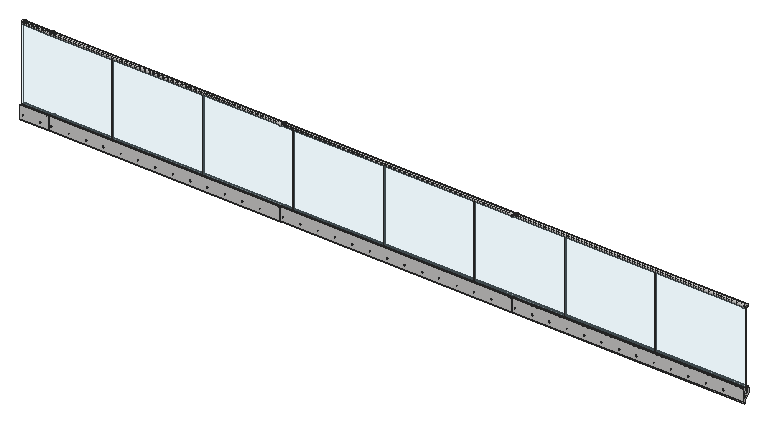
Revit family "34_LB_UNIQ_SB-A2", category Generic Models, Revit 2016
Family settings
  Part Type = Normal
  Can host rebar = No
  Round Connector Dimension = Use Diameter
  Work Plane-Based = No
  Cut with Voids When Loaded = No
  Shared = No
  Room Calculation Point = No
Parameters (values of type "UNIQ_SB-A2")
  verplatsing_passtuk [instance] = if(Passtuk_zichtbaar_omgekeerd, 0 mm, 100 mm)  # 0 mm
  Verstelbaar profiel = "Ja"
  Uitvoering = "RVS look (standaard) materiaal is geanodiseerd en geschik voor binnen en buitengebruik."
  URL = "https://uniq-balustrades.com/profielen/side-mounted-a/uniq-sb-a-2/"
  Profiel_zichtbaar_2 [instance] = [built-in parameter 1001306] > 7999 mm  # yes
  Profiel_zichtbaar_1 [instance] = and([built-in parameter 1001306] > 3999 mm, [built-in parameter 1001306] < 8000 mm)  # no
  Profiel_breedte_vast [instance] = 4000 mm  # constant formula
  Passtuk_zichtbaar_omgekeerd [instance] = not(Passtuk_zichtbaar)  # yes
  Passtuk_zichtbaar [instance] = or([built-in parameter 1001306] = 4000 mm, [built-in parameter 1001306] = 8000 mm, [built-in parameter 1001306] = 12000 mm, [built-in parameter 1001306] = 16000 mm, [built-in parameter 1001306] = 20000 mm, [built-in parameter 1001306] = 24000 mm, [built-in parameter 1001306] = 28000 mm, [built-in parameter 1001306] = 32000 mm, [built-in parameter 1001306] = 40000 mm)  # no
  Model = "UNIQ_SB-A2"
  Materiaal_ribber = Rubber
  Materiaal_profiel = Aluminium
  Materiaal_pakking = Pakking
  Materiaal_glas = Glass
  Materiaal_afdekker = Aluminium
  Manufacturer = "SB Railing"
  built-in parameter 1001306 [instance] = 12500 mm
  Krachten = "Geschikt voor maximaal 2 KN"
  IsExternal [instance] = no
  IfcExportAs = "IfcRailing"
  Hoogte_railing [instance] = 1500 mm
  Hoogte_glas [instance] = Hoogte_railing - 123 mm - 21.9 mm  # 1355.1 mm
  Glas_dikte = 25.5 mm
  Gasdiktes = "Geschikt voor 12/12 pvb en 19"
  FireRating [instance] = "0"
  Dikte_glas = 25.5 mm
  Description = "UNIQ SB-A2 | ZIJ MONTAGE"
  Cover_front_CF-320 = no
  Cover_front_CF-312 = no
  Cover_front_CF-303 = no
  Cover_front_CF-300 = yes
  Breedte_passtuk [instance] = if([built-in parameter 1001306] > 8000 mm, [built-in parameter 1001306] - (Aantal_profielen * Profiel_breedte_vast), [built-in parameter 1001306] - 4000 mm)  # 500 mm
  Breedte_glasplaten [instance] = ([built-in parameter 1001306] - ((Aantal_glasplaten - 1) * 10 mm)) / Aantal_glasplaten  # 1553.75 mm
  Bovenrailing = yes
  Ber_breedte_passtuk_4 [instance] = if([built-in parameter 1001306] > 4000 mm, Ber_breedte_passtuk_3 - 4 mm, Ber_breedte_passtuk_3)  # 496 mm
  Ber_breedte_passtuk_3 [instance] = if(Passtuk_zichtbaar_omgekeerd, Ber_breedte_passtuk_2, 100 mm)  # 500 mm
  Ber_breedte_passtuk_2 [instance] = if([built-in parameter 1001306] > 4000 mm, Breedte_passtuk, [built-in parameter 1001306])  # 500 mm
  Ber_breedte_passtuk_5 [instance] = if([built-in parameter 1001306] > 8000 mm, Ber_breedte_passtuk_3 - (Aantal_profielen * 4 mm), Ber_breedte_passtuk_4)  # 488 mm
  Assembly Code = "34.11"
  Aantal_profielen [instance] = if([built-in parameter 1001306] < 8000 mm, 2, ([built-in parameter 1001306] / 4000 mm) - 0.5)  # 3
  Aantal_glasplaten [instance] = 8
Reference planes
  plane 1 "Center (Front/Back)": y = 0
  plane 2: z = 0
  plane 3 "Left": x = 0
  plane 4 "Right": x = 12500
  plane 5: through (0, 2, 1219.2) normal (-0.7071, 0.7071, 0)
  plane 6: x = 488
  plane 7: x = 0
  plane 8: x = 4492
  plane 9: x = 492
  plane 10: x = 4496
  plane 11: z = 1500
  plane 12: z = 123
Lines and regions (mm)
  reference lines
    curve 1: line (0, 0, 0) -> (12500, 0, 0)
Dimensions and locks
  "built-in parameter 1001306": plane 3 "Left" to plane 4 "Right"
  plane 3 "Left" to plane 4 "Right" = 12500 mm
  "verplatsing_passtuk": plane 7 to plane 3 "Left"
  equal spacing: group 1, group 2, group 3  (x3)
  plane 6 to plane 8 = 4004 mm
  locked: plane 6 to plane 9 at 4
  locked: plane 8 to plane 10 at 4
  "Ber_breedte_passtuk_5": plane 7 to plane 6
  nested 6 to nested 6 = 10 mm
  "Hoogte_railing": plane 11 to level
  plane 12 to level = 123 mm
  aligned and locked: plane 4 "Right" to curve 1
  aligned and locked: plane 1 "Center (Front/Back)" to curve 1
  aligned and locked: plane 3 "Left" to curve 1
  aligned and locked: level to plane 2
  aligned and locked: nested 1 to level
  aligned and locked: nested 2 to level
  aligned and locked: nested 3 to level
  aligned and locked: plane 7 to nested 2  (x2)
  aligned and locked: plane 1 "Center (Front/Back)" to nested 2
  aligned and locked: plane 1 "Center (Front/Back)" to nested 1
  aligned and locked: plane 1 "Center (Front/Back)" to nested 3
  aligned and locked: nested 4 to level
  aligned and locked: plane 9 to nested 3
  aligned and locked: plane 9 to nested 1
  aligned and locked: plane 10 to nested 4
  aligned and locked: nested 7 to plane 12
  aligned and locked: plane 3 "Left" to nested 5
Nested families
  nested 1: "UNIQ_SB-A2_12.12.4" at (492, 0, 0), Lengte <- "built-in parameter 1001306", Ber_Lengte <- "Profiel_breedte_vast", visible <- "Profiel_zichtbaar_1", Hoogte <- "Hoogte_railing", Bovenrailing <- "Bovenrailing", type "UNIQ_SB-A1_8.8.2"
    with Rubber Rubber, Pakking Rubber, Materiaal_profiel Aluminium, Materiaal_afdekker Aluminium, Lengte_schroef 3950 mm, Lengte 12500 mm, Hoogte 1500 mm, HOH_schroef 100 mm, HOH_boorgat_onder 600 mm, HOH_boorgat 300 mm, Bovenrailing yes, Ber_Lengte 4000 mm, Aantal_boorgat_onder 7, Aantal_boorgat 13, Aantal 40
  nested 2: "UNIQ_SB-A2_12.12.4" at (0, 0, 0), Lengte <- "built-in parameter 1001306", Ber_Lengte <- "Ber_breedte_passtuk_5", visible <- "Passtuk_zichtbaar_omgekeerd", Hoogte <- "Hoogte_railing", Bovenrailing <- "Bovenrailing", type "UNIQ_SB-A1_8.8.2"
    with Rubber Rubber, Pakking Rubber, Materiaal_profiel Aluminium, Materiaal_afdekker Aluminium, Lengte_schroef 438 mm, Lengte 12500 mm, Hoogte 1500 mm, HOH_schroef 100 mm, HOH_boorgat_onder 600 mm, HOH_boorgat 300 mm, Bovenrailing yes, Ber_Lengte 488 mm, Aantal_boorgat_onder 2, Aantal_boorgat 2, Aantal 4
  nested 3: "UNIQ_SB-A2_12.12.4" at (492, 0, 0), Lengte <- "built-in parameter 1001306", Ber_Lengte <- "Profiel_breedte_vast", visible <- "Profiel_zichtbaar_2", Hoogte <- "Hoogte_railing", Bovenrailing <- "Bovenrailing", Materiaal_afdekker <- "Materiaal_afdekker", Materiaal_profiel <- "Materiaal_profiel", Pakking <- "Materiaal_pakking", Rubber <- "Materiaal_ribber", type "UNIQ_SB-A1_8.8.2"
    with Rubber Rubber, Pakking Pakking, Materiaal_profiel Aluminium, Materiaal_afdekker Aluminium, Lengte_schroef 3950 mm, Lengte 12500 mm, Hoogte 1500 mm, HOH_schroef 100 mm, HOH_boorgat_onder 600 mm, HOH_boorgat 300 mm, Bovenrailing yes, Ber_Lengte 4000 mm, Aantal_boorgat_onder 7, Aantal_boorgat 13, Aantal 40
  nested 4: "UNIQ_SB-A2_12.12.4" at (4496, 0, 0), Lengte <- "built-in parameter 1001306", Ber_Lengte <- "Profiel_breedte_vast", visible <- "Profiel_zichtbaar_2", Hoogte <- "Hoogte_railing", Bovenrailing <- "Bovenrailing", Materiaal_afdekker <- "Materiaal_afdekker", Materiaal_profiel <- "Materiaal_profiel", Pakking <- "Materiaal_pakking", Rubber <- "Materiaal_ribber", type "UNIQ_SB-A1_8.8.2"
    with Rubber Rubber, Pakking Pakking, Materiaal_profiel Aluminium, Materiaal_afdekker Aluminium, Lengte_schroef 3950 mm, Lengte 12500 mm, Hoogte 1500 mm, HOH_schroef 100 mm, HOH_boorgat_onder 600 mm, HOH_boorgat 300 mm, Bovenrailing yes, Ber_Lengte 4000 mm, Aantal_boorgat_onder 7, Aantal_boorgat 13, Aantal 40
  nested 5: "34_glasplaat_tbv_railing_V2" at (0, 33.25, 123), Dikte_glas <- "Dikte_glas", Hoogte_glas <- "Hoogte_glas", Aantal_glasplaten <- "Aantal_glasplaten", Ber_lengte <- "built-in parameter 1001306", type "34_glasplaat_tbv_railing_V2"
    with Lengte 12510 mm, Hoogte_glas 1355.1 mm, Dikte_glas 25.5 mm, Breedte_glasplaat 1563.75 mm, Ber_lengte 12500 mm, Aantal_glasplaten 8
  nested 6: "34_glasplaat" at (10936.25, 33.25, 123), type "34_glasplaat"
    with Lengte 1563.75 mm, Hoogte 1355.1 mm, Glas_dikte 25.5 mm, Glas_breedte 1553.75 mm, Glas Glass
  nested 7: "34_glasplaat" at (-10, 33.25, 123), type "34_glasplaat"
    with Lengte 1563.75 mm, Hoogte 1355.1 mm, Glas_dikte 25.5 mm, Glas_breedte 1553.75 mm, Glas Glass
  nested 8: "34_glasplaat" at (9372.5, 33.25, 123), type "34_glasplaat"
    with Lengte 1563.75 mm, Hoogte 1355.1 mm, Glas_dikte 25.5 mm, Glas_breedte 1553.75 mm, Glas Glass
  nested 9: "34_glasplaat" at (7808.75, 33.25, 123), type "34_glasplaat"
    with Lengte 1563.75 mm, Hoogte 1355.1 mm, Glas_dikte 25.5 mm, Glas_breedte 1553.75 mm, Glas Glass
  nested 10: "34_glasplaat" at (6245, 33.25, 123), type "34_glasplaat"
    with Lengte 1563.75 mm, Hoogte 1355.1 mm, Glas_dikte 25.5 mm, Glas_breedte 1553.75 mm, Glas Glass
  nested 11: "34_glasplaat" at (4681.25, 33.25, 123), type "34_glasplaat"
    with Lengte 1563.75 mm, Hoogte 1355.1 mm, Glas_dikte 25.5 mm, Glas_breedte 1553.75 mm, Glas Glass
  nested 12: "34_glasplaat" at (3117.5, 33.25, 123), type "34_glasplaat"
    with Lengte 1563.75 mm, Hoogte 1355.1 mm, Glas_dikte 25.5 mm, Glas_breedte 1553.75 mm, Glas Glass
  nested 13: "34_glasplaat" at (1553.75, 33.25, 123), type "34_glasplaat"
    with Lengte 1563.75 mm, Hoogte 1355.1 mm, Glas_dikte 25.5 mm, Glas_breedte 1553.75 mm, Glas Glass
  nested 14: "UNIQ_SB-A2_12.12.4" at (8500, 0, 0), Lengte <- "built-in parameter 1001306", Ber_Lengte <- "Profiel_breedte_vast", visible <- "Profiel_zichtbaar_2", Hoogte <- "Hoogte_railing", Bovenrailing <- "Bovenrailing", Materiaal_afdekker <- "Materiaal_afdekker", Materiaal_profiel <- "Materiaal_profiel", Pakking <- "Materiaal_pakking", Rubber <- "Materiaal_ribber", type "UNIQ_SB-A1_8.8.2"
    with Rubber Rubber, Pakking Pakking, Materiaal_profiel Aluminium, Materiaal_afdekker Aluminium, Lengte_schroef 3950 mm, Lengte 12500 mm, Hoogte 1500 mm, HOH_schroef 100 mm, HOH_boorgat_onder 600 mm, HOH_boorgat 300 mm, Bovenrailing yes, Ber_Lengte 4000 mm, Aantal_boorgat_onder 7, Aantal_boorgat 13, Aantal 40
Definition of nested family "UNIQ_SB-A2_12.12.4"
  Parameters (values of type "UNIQ_SB-A1_8.8.2")
    Rubber [instance] = none
    Pakking [instance] = none
    Materiaal_profiel [instance] = none
    Materiaal_afdekker [instance] = none
    Lengte_schroef [instance] = Ber_Lengte - 50 mm  # 1450 mm
    Lengte [instance] = 1250 mm
    Hoogte [instance] = 1200 mm
    HOH_schroef [instance] = if(Ber_Lengte > 200 mm, 100 mm, 20 mm)  # 100 mm
    HOH_boorgat_onder [instance] = 600 mm
    HOH_boorgat [instance] = 300 mm
    Cover_front_CF-320 = no
    Cover_front_CF-312 = no
    Cover_front_CF-303 = no
    Cover_front_CF-300 = yes
    Bovenrailing [instance] = yes
    Ber_Lengte [instance] = 1500 mm
    Aantal_boorgat_onder [instance] = if(Ber_Lengte > 900 mm, Ber_Lengte / HOH_boorgat_onder, 2)  # 3
    Aantal_boorgat [instance] = if(Ber_Lengte > 450 mm, Ber_Lengte / HOH_boorgat, 2)  # 5
    Aantal [instance] = Lengte_schroef / HOH_schroef  # 15
  Reference planes
    plane 1 "Center (Front/Back)": y = 0
    plane 2: z = 0
    plane 3 "Center (Left/Right)": x = 0
    plane 4: x = 1500
    plane 5: x = 50
    plane 6: y = 15.517
    plane 7: x = 200
    plane 8: x = 1504
    plane 9: z = 1200
    plane 10: z = 1181.136
  Forms (mm)
    Sweep 1, solid, material <- "Materiaal_profiel"
      path origin (0, -19, 0) x (1, 0, 0) y (0, 1, 0)
        loop
          line (0, 0) -> (1500, 0)
      profile "Profiel_SB-A2 : Profiel_SB-A2" origin (750, -19, 0) x (0, 1, 0) y (0, 0, 1)
        loop
          line (75.865, 94.5) -> (4, 94.5) -> (4, 44.5) -> (46.628, 44.5) -> (75.865, 94.5)
        loop
          line (-2, 0) -> (19, 0) -> (19, -29.5) -> (19.79, -29.5) -> (22.388, -28) -> (27, -28) -> (27, 4) -> (96, 122) -> (96, 185.624) -> (86.4, 212) -> (78.5, 212) -> (78.5, 209) -> (77.1, 209) -> (77.1, 212) -> (68.6, 212) -> (68.6, 201) -> (66, 201) -> (66, 122) -> (30, 122) -> (18, 166.785) -> (18, 199.7) -> (15.4, 199.7) -> (15.4, 210.7) -> (13.9, 210.7) -> (13.9, 207.7) -> (12.5, 207.7) -> (12.5, 210.7) -> (10.85, 210.7) -> (10.85, 212) -> (-2, 212) -> (-2, 0)
    Sweep 2, solid, material <- "Pakking"
      path origin (0, -639, 0) x (1, 0, 0) y (0, 1, 0)
        loop
          line (0, 620) -> (1500, 620)
      profile "Rubber_onder_SB-A2 : Rubber_onder" origin (750, -19, 0) x (0, 1, 0) y (0, 0, 1)
        loop
          line (66, 123) -> (37.48, 123) -> (37.48, 122) -> (66, 122) -> (66, 123)
    Sweep 3, solid, material <- "Pakking"
      path origin (0, -899, 0) x (1, 0, 0) y (0, 1, 0)
        loop
          line (0, 880) -> (1500, 880)
      profile "Rubber_voor_SB-A2 : Rubber_voor" origin (750, -19, 0) x (0, 1, 0) y (0, 0, 1)
        loop
          line (66, 212) -> (65, 212) -> (65, 123) -> (66, 123) -> (66, 212)
    Sweep 4, solid
      path origin (0, -1119, 0) x (1, 0, 0) y (0, 1, 0)
        loop
          line (0, 1100) -> (1500, 1100)
      profile "Stelprofiel_01_SB-A2 : Stelprofiel_01" origin (750, -19, 0) x (0, 1, 0) y (0, 0, 1)
        loop
          line (24.48, 175.863) -> (28.378, 175.863) -> (30.581, 132.363) -> (27.223, 132.363) -> (29.233, 124.863) -> (37.48, 124.863) -> (37.48, 194.863) -> (24.48, 194.863) -> (24.48, 175.863)
    Sweep 5, solid, material <- "Materiaal_afdekker"
      path origin (0, -2079, 0) x (1, 0, 0) y (0, 1, 0)
        loop
          line (0, 2060) -> (1500, 2060)
      profile "Afdekker_achter_01_SB-A2 : Afdekker_achter_01" origin (750, -19, 0) x (0, 1, 0) y (0, 0, 1)
        loop
          line (11, 212) -> (11, 210.7) -> (12.5, 210.7) -> (12.5, 207.7) -> (13.9, 207.7) -> (13.9, 210.7) -> (15.4, 210.7) -> (15.4, 199.7) -> (17, 199.7) -> (17, 210.9) -> (26.9, 210.9) -> (26.9, 203.8) -> (36, 203.8) -> (36, 204.9) -> (28, 204.9) -> (28, 210.9) -> (36, 210.9) -> (36, 212) -> (11, 212)
    Sweep 6, solid, material <- "Rubber"
      path origin (0, -1359, 0) x (1, 0, 0) y (0, 1, 0)
        loop
          line (0, 1340) -> (1500, 1340)
      profile "Afdekker_achter_02_SB-A2 : Afdekker_achter_02" origin (750, -19, 0) x (0, 1, 0) y (0, 0, 1)
        loop
          line (37.312, 205.795) -> (39.48, 214.43) -> (39.48, 215.43) -> (38.48, 215.43) -> (37.343, 210.9) -> (29.909, 210.9) -> (28, 209.666) -> (28, 206.134) -> (29.909, 204.9) -> (37.31, 204.9) -> (37.312, 205.795)
    Sweep 7, solid, not visible
      path origin (-1900, -1400, 0) x (1, 0, 0) y (0, 1, 0)
        loop
          line (621, 1400) -> (629, 1400)
      profile "Stelprofiel_02 : Stelprofiel_02" origin (-1275, 0, 0) x (0, 1, 0) y (0, 0, 1)
        loop
          line (9, 166.532) -> (13.74, 166.532) -> (13.74, 174.532) -> (9, 174.532) -> (9, 166.532)
    Sweep 8, solid, not visible
      path origin (-1900, -1680, 0) x (1, 0, 0) y (0, 1, 0)
        loop
          line (617.493, 1680) -> (632.507, 1680)
      profile "Stelprofiel_03 : Stelprofiel_03" origin (-1275, 0, 0) x (0, 1, 0) y (0, 0, 1)
        loop
          line (9, 163.024) -> (9, 178.039) -> (6.758, 178.039) -> (6, 176.096) -> (6, 164.966) -> (6.757, 163.024) -> (9, 163.024)
    Extrusion 9, void, not visible
      sketch origin (-1279, 13.74, 174.532) x (-1, 0, 0) y (0, 0, -1)
        loop
          line (-9, 9) -> (-9, -1) -> (1, -1) -> (1, 9) -> (-9, 9)
        loop
          circle (-4, 4) r 4
      from -7.62 to 4.74
    Extrusion 10, void, not visible
      sketch origin (-1279, 13.74, 174.532) x (-1, 0, 0) y (0, 0, -1)
        loop
          line (-12.507, -4.507) -> (4.507, -4.507) -> (4.507, 12.507) -> (-12.507, 12.507) -> (-12.507, -4.507)
        loop
          line (-6.507, 11.507) -> (-11.507, 6.507) -> (-11.507, 1.493) -> (-6.507, -3.507) -> (-1.493, -3.507) -> (3.507, 1.493) -> (3.507, 6.507) -> (-1.493, 11.507) -> (-6.507, 11.507)
      from 4.74 to 9.74
    Sweep 11, solid, not visible
      path origin (-1900, -1400, 0) x (1, 0, 0) y (0, 1, 0)
        loop
          line (621, 1400) -> (629, 1400)
      profile "Stelprofiel_02 : Stelprofiel_02" origin (-1275, 0, 0) x (0, 1, 0) y (0, 0, 1)
        loop
          line (9, 166.532) -> (13.74, 166.532) -> (13.74, 174.532) -> (9, 174.532) -> (9, 166.532)
    Sweep 12, solid, not visible
      path origin (-1900, -1680, 0) x (1, 0, 0) y (0, 1, 0)
        loop
          line (617.493, 1680) -> (632.507, 1680)
      profile "Stelprofiel_03 : Stelprofiel_03" origin (-1275, 0, 0) x (0, 1, 0) y (0, 0, 1)
        loop
          line (9, 163.024) -> (9, 178.039) -> (6.758, 178.039) -> (6, 176.096) -> (6, 164.966) -> (6.757, 163.024) -> (9, 163.024)
    Extrusion 13, void, not visible
      sketch origin (-1279, 13.74, 174.532) x (-1, 0, 0) y (0, 0, -1)
        loop
          line (-9, 9) -> (-9, -1) -> (1, -1) -> (1, 9) -> (-9, 9)
        loop
          circle (-4, 4) r 4
      from -7.62 to 4.74
    Extrusion 14, void, not visible
      sketch origin (-1279, 13.74, 174.532) x (-1, 0, 0) y (0, 0, -1)
        loop
          line (-12.507, -4.507) -> (4.507, -4.507) -> (4.507, 12.507) -> (-12.507, 12.507) -> (-12.507, -4.507)
        loop
          line (-6.507, 11.507) -> (-11.507, 6.507) -> (-11.507, 1.493) -> (-6.507, -3.507) -> (-1.493, -3.507) -> (3.507, 1.493) -> (3.507, 6.507) -> (-1.493, 11.507) -> (-6.507, 11.507)
      from 4.74 to 9.74
    Extrusion 15, void
      sketch origin (162.168, -12, 13.764) x (-1, 0, 0) y (0, 0, 1)
        loop
          circle (112.168, 56.236) r 22.5
      from 34.517 to 79.189
    Extrusion 16, void
      sketch origin (162.168, -19, 13.5) x (1, 0, 0) y (0, 0, 1)
        loop
          arc (-117.168, 63.5) -> (-124.168, 56.5) -> (-117.168, 49.5) r 7
          line (-117.168, 49.5) -> (-107.168, 49.5)
          arc (-107.168, 49.5) -> (-100.168, 56.5) -> (-107.168, 63.5) r 7
          line (-107.168, 63.5) -> (-117.168, 63.5)
      from -6.381 to 4.008
    Extrusion 17, void, not visible
      sketch origin (210, 7, 13.764) x (-1, 0, 0) y (0, 0, 1)
        loop
          circle (112.168, 56.236) r 22.5
      from 34.517 to 79.189
    Extrusion 18, void, not visible
      sketch origin (210, 0, 13.5) x (1, 0, 0) y (0, 0, 1)
        loop
          arc (-117.168, 63.5) -> (-124.168, 56.5) -> (-117.168, 49.5) r 7
          line (-117.168, 49.5) -> (-107.168, 49.5)
          arc (-107.168, 49.5) -> (-100.168, 56.5) -> (-107.168, 63.5) r 7
          line (-107.168, 63.5) -> (-117.168, 63.5)
      from -6.381 to 4.008
    Extrusion 19, void
      sketch origin (462.168, -12, 13.764) x (-1, 0, 0) y (0, 0, 1)
        loop
          circle (112.168, 56.236) r 22.5
      from 34.517 to 79.189
    Extrusion 20, void
      sketch origin (462.168, -19, 13.5) x (1, 0, 0) y (0, 0, 1)
        loop
          arc (-117.168, 63.5) -> (-124.168, 56.5) -> (-117.168, 49.5) r 7
          line (-117.168, 49.5) -> (-107.168, 49.5)
          arc (-107.168, 49.5) -> (-100.168, 56.5) -> (-107.168, 63.5) r 7
          line (-107.168, 63.5) -> (-117.168, 63.5)
      from -6.381 to 4.008
    Extrusion 21, void
      sketch origin (274.606, -19, 3.257) x (1, 0, 0) y (0, 0, 1)
        loop
          arc (-80.606, -9.257) -> (-84.848, -11.014) -> (-86.606, -15.257) r 6
          arc (-86.606, -15.257) -> (-84.848, -19.499) -> (-80.606, -21.257) r 6
          line (-80.606, -21.257) -> (-68.606, -21.257)
          arc (-68.606, -21.257) -> (-64.363, -19.499) -> (-62.606, -15.257) r 6
          arc (-62.606, -15.257) -> (-64.363, -11.014) -> (-68.606, -9.257) r 6
          line (-68.606, -9.257) -> (-80.606, -9.257)
      from -24 to -19
    Extrusion 22, void, not visible
      sketch origin (274.606, 0, 3.257) x (1, 0, 0) y (0, 0, 1)
        loop
          arc (-80.606, -9.257) -> (-84.848, -11.014) -> (-86.606, -15.257) r 6
          arc (-86.606, -15.257) -> (-84.848, -19.499) -> (-80.606, -21.257) r 6
          line (-80.606, -21.257) -> (-68.606, -21.257)
          arc (-68.606, -21.257) -> (-64.363, -19.499) -> (-62.606, -15.257) r 6
          arc (-62.606, -15.257) -> (-64.363, -11.014) -> (-68.606, -9.257) r 6
          line (-68.606, -9.257) -> (-80.606, -9.257)
      from -24 to -19
    Extrusion 23, void
      sketch origin (874.606, -19, 3.257) x (1, 0, 0) y (0, 0, 1)
        loop
          arc (-80.606, -9.257) -> (-84.848, -11.014) -> (-86.606, -15.257) r 6
          arc (-86.606, -15.257) -> (-84.848, -19.499) -> (-80.606, -21.257) r 6
          line (-80.606, -21.257) -> (-68.606, -21.257)
          arc (-68.606, -21.257) -> (-64.363, -19.499) -> (-62.606, -15.257) r 6
          arc (-62.606, -15.257) -> (-64.363, -11.014) -> (-68.606, -9.257) r 6
          line (-68.606, -9.257) -> (-80.606, -9.257)
      from -24 to -19
    Extrusion 24, void
      sketch origin (762.168, -12, 13.764) x (-1, 0, 0) y (0, 0, 1)
        loop
          circle (112.168, 56.236) r 22.5
      from 34.517 to 79.189
    Extrusion 25, void
      sketch origin (762.168, -19, 13.5) x (1, 0, 0) y (0, 0, 1)
        loop
          arc (-117.168, 63.5) -> (-124.168, 56.5) -> (-117.168, 49.5) r 7
          line (-117.168, 49.5) -> (-107.168, 49.5)
          arc (-107.168, 49.5) -> (-100.168, 56.5) -> (-107.168, 63.5) r 7
          line (-107.168, 63.5) -> (-117.168, 63.5)
      from -6.381 to 4.008
    Extrusion 26, void
      sketch origin (1062.168, -12, 13.764) x (-1, 0, 0) y (0, 0, 1)
        loop
          circle (112.168, 56.236) r 22.5
      from 34.517 to 79.189
    Extrusion 27, void
      sketch origin (1062.168, -19, 13.5) x (1, 0, 0) y (0, 0, 1)
        loop
          arc (-117.168, 63.5) -> (-124.168, 56.5) -> (-117.168, 49.5) r 7
          line (-117.168, 49.5) -> (-107.168, 49.5)
          arc (-107.168, 49.5) -> (-100.168, 56.5) -> (-107.168, 63.5) r 7
          line (-107.168, 63.5) -> (-117.168, 63.5)
      from -6.381 to 4.008
    Extrusion 28, solid, material <- "Materiaal_afdekker", visible <- "Bovenrailing"
      sketch origin (0, -68.265, 50.142) x (0, 1, 0) y (0, 0, 1)
        loop
          arc (120.29, 1096.125) -> (119.127, 1095.995) -> (118.505, 1096.986) r 1.1
          line (118.505, 1096.986) -> (118.505, 1130.994) -> (84.505, 1130.994) -> (84.505, 1096.986)
          arc (84.505, 1096.986) -> (83.882, 1095.995) -> (82.719, 1096.125) r 1.1
          arc (82.719, 1096.125) -> (101.505, 1149.858) -> (120.29, 1096.125) r 30.15
        loop
          line (120.005, 1097.832) -> (120.005, 1132.494) -> (83.005, 1132.494) -> (83.005, 1097.832)
          arc (83.005, 1097.832) -> (101.505, 1148.358) -> (120.005, 1097.832) r 28.65
      from 0 to 1500
    Extrusion 29, solid, material <- "Rubber", visible <- "Bovenrailing"
      sketch origin (0, 14.64, -10.626) x (0, 1, 0) y (0, 0, 1)
        loop
          line (5.84, 1188.763) -> (31.36, 1188.763) -> (31.36, 1153.514) -> (35.6, 1157.754) -> (35.6, 1190.263)
          arc (35.6, 1190.263) -> (35.161, 1191.323) -> (34.1, 1191.763) r 1.5
          line (34.1, 1191.763) -> (30.48, 1191.763) -> (29.419, 1190.702) -> (7.781, 1190.702) -> (6.72, 1191.763) -> (3.1, 1191.763)
          arc (3.1, 1191.763) -> (2.039, 1191.323) -> (1.6, 1190.263) r 1.5
          line (1.6, 1190.263) -> (1.6, 1157.754) -> (5.84, 1153.514) -> (5.84, 1188.763)
        loop
          line (7.372, 1189.904) -> (6.013, 1191.263) -> (4.46, 1191.263)
          arc (4.46, 1191.263) -> (3.636, 1190.829) -> (3.527, 1189.904) r 1
          line (3.527, 1189.904) -> (7.372, 1189.904)
        loop
          arc (33.673, 1189.904) -> (33.564, 1190.829) -> (32.74, 1191.263) r 1
          line (32.74, 1191.263) -> (31.187, 1191.263) -> (29.828, 1189.904) -> (33.673, 1189.904)
      from 0 to 1500
    Extrusion 30, void
      sketch origin (1362.168, -12, 13.764) x (-1, 0, 0) y (0, 0, 1)
        loop
          circle (112.168, 56.236) r 22.5
      from 34.517 to 79.189
    Extrusion 31, void
      sketch origin (1362.168, -19, 13.5) x (1, 0, 0) y (0, 0, 1)
        loop
          arc (-117.168, 63.5) -> (-124.168, 56.5) -> (-117.168, 49.5) r 7
          line (-117.168, 49.5) -> (-107.168, 49.5)
          arc (-107.168, 49.5) -> (-100.168, 56.5) -> (-107.168, 63.5) r 7
          line (-107.168, 63.5) -> (-117.168, 63.5)
      from -6.381 to 4.008
    Extrusion 32, void
      sketch origin (1474.606, -19, 3.257) x (1, 0, 0) y (0, 0, 1)
        loop
          arc (-80.606, -9.257) -> (-84.848, -11.014) -> (-86.606, -15.257) r 6
          arc (-86.606, -15.257) -> (-84.848, -19.499) -> (-80.606, -21.257) r 6
          line (-80.606, -21.257) -> (-68.606, -21.257)
          arc (-68.606, -21.257) -> (-64.363, -19.499) -> (-62.606, -15.257) r 6
          arc (-62.606, -15.257) -> (-64.363, -11.014) -> (-68.606, -9.257) r 6
          line (-68.606, -9.257) -> (-80.606, -9.257)
      from -24 to -19
  Cuts and joins
    Extrusion 15, Extrusion 16, Extrusion 19, Extrusion 20, Extrusion 21, Extrusion 23, Extrusion 24, Extrusion 25, Extrusion 26, Extrusion 27, Extrusion 30, Extrusion 31, Extrusion 32 cuts Sweep 1
  Lines and regions (mm)
    model lines, not visible
      curve 1: circle (-1275, 13.74, 170.532) r 4 normal (0, 1, 0)
      curve 2: circle (-1275, 13.74, 170.532) r 4 normal (0, 1, 0)
      curve 3: line (-1275, 9, 0) -> (-1275, 13.74, 0)
      curve 5: line (97.832, 0, 50) -> (97.832, 0, 62)
      curve 8: line (200, 0, -18) -> (200, 0, -6)
    model lines
      curve 4: line (50, -19, 50) -> (50, -19, 62)
      curve 6: line (350, -19, 50) -> (350, -19, 62)
      curve 7: line (200, -19, -18) -> (200, -19, -6)
      curve 9: line (800, -19, -18) -> (800, -19, -6)
      curve 10: line (50.004, -19, 174.531) -> (50.004, -19, 166.538)
      curve 11: line (150.004, -19, 174.531) -> (150.004, -19, 166.538)
      curve 12: line (250.004, -19, 174.531) -> (250.004, -19, 166.538)
      curve 13: line (350.004, -19, 174.531) -> (350.004, -19, 166.538)
      curve 14: line (450.004, -19, 174.531) -> (450.004, -19, 166.538)
      curve 15: line (650, -19, 50) -> (650, -19, 62)
      curve 16: line (950, -19, 50) -> (950, -19, 62)
      curve 17: line (550.004, -19, 174.531) -> (550.004, -19, 166.538)
      curve 18: line (650.004, -19, 174.531) -> (650.004, -19, 166.538)
      curve 19: line (750.004, -19, 174.531) -> (750.004, -19, 166.538)
      curve 20: line (850.004, -19, 174.531) -> (850.004, -19, 166.538)
      curve 21: line (950.004, -19, 174.531) -> (950.004, -19, 166.538)
      curve 22: line (1050.004, -19, 174.531) -> (1050.004, -19, 166.538)
      curve 23: line (1150.004, -19, 174.531) -> (1150.004, -19, 166.538)
      curve 24: line (1250, -19, 50) -> (1250, -19, 62)
      curve 25: line (1400, -19, -18) -> (1400, -19, -6)
      curve 26: line (1250.004, -19, 174.531) -> (1250.004, -19, 166.538)
      curve 27: line (1350.004, -19, 174.531) -> (1350.004, -19, 166.538)
      curve 28: line (1450.004, -19, 174.531) -> (1450.004, -19, 166.538)
  Dimensions and locks
    "Ber_Lengte": plane 3 "Center (Left/Right)" to plane 4
    "Lengte_schroef": plane 5 to plane 4
    equal spacing: group 3, group 5, group 14, group 15, group 23  (x3)
    equal spacing: group 6, group 8, group 24  (x3)
    plane 7 to plane 3 "Center (Left/Right)" = 200 mm  (x2)
    plane 5 to plane 3 "Center (Left/Right)" = 50 mm  (x2)
    equal spacing: group 9, group 10, group 11, group 12, group 13, group 16, group 17, group 18, group 19, group 20, group 21, group 22, group 25, group 26, group 27  (x3)
    "HOH_schroef": curve 11 to curve 10
    plane 3 "Center (Left/Right)" to plane 4 = 1500 mm
    locked: plane 4 to plane 8 at 4
    "Hoogte": plane 9 to level
    locked: plane 9 to plane 10 at 18.864
    aligned and locked: level to plane 2
    aligned and locked: plane 4 to Sweep 1 sketch curve
    aligned and locked: plane 3 "Center (Left/Right)" to Sweep 1 sketch curve
    aligned and locked: plane 4 to Sweep 2 sketch curve
    aligned and locked: plane 3 "Center (Left/Right)" to Sweep 2 sketch curve
    aligned and locked: plane 3 "Center (Left/Right)" to Sweep 3 sketch curve
    aligned and locked: plane 4 to Sweep 3 sketch curve
    aligned and locked: plane 3 "Center (Left/Right)" to Sweep 4 sketch curve
    aligned and locked: plane 4 to Sweep 4 sketch curve
    aligned and locked: plane 3 "Center (Left/Right)" to Sweep 5 sketch curve
    aligned and locked: plane 4 to Sweep 5 sketch curve
    aligned and locked: plane 3 "Center (Left/Right)" to Sweep 6 sketch curve
    aligned and locked: plane 4 to Sweep 6 sketch curve
    aligned and locked: curve 4 to plane 5
    aligned and locked: curve 7 to plane 7
    aligned and locked: plane 5 to nested 1
    aligned and locked: plane 3 "Center (Left/Right)" to nested 13
    aligned and locked: plane 1 "Center (Front/Back)" to nested 13
    aligned and locked: plane 3 "Center (Left/Right)" to nested 14
    aligned and locked: plane 1 "Center (Front/Back)" to nested 14
    aligned and locked: plane 3 "Center (Left/Right)" to nested 15
    aligned and locked: plane 1 "Center (Front/Back)" to nested 15
    aligned and locked: plane 1 "Center (Front/Back)" to nested 16
    aligned and locked: plane 4 to Extrusion 28
    aligned and locked: plane 4 to Extrusion 29
  Automatic sketch dimensions
    Sweep 8 sketch curve to Sweep 8 sketch curve = 15.015 mm
    Sweep 7 to Extrusion 9 sketch curve = 1 mm  (x2)
    Extrusion 9 sketch curve to Sweep 7 = 4 mm
    Extrusion 9 sketch curve to Sweep 7 = 1 mm  (x2)
    Sweep 7 to Extrusion 9 sketch curve = 4 mm
    Sweep 7 to Extrusion 10 sketch curve = 4.507 mm  (x2)
    Sweep 7 to Extrusion 10 sketch curve = 1.493 mm  (x4)
    Sweep 7 to Extrusion 10 sketch curve = 3.507 mm  (x2)
    Extrusion 10 sketch curve to Sweep 7 = 1.493 mm  (x4)
    Extrusion 10 sketch curve to Sweep 7 = 3.507 mm  (x2)
    Extrusion 10 sketch curve to Sweep 7 = 4.507 mm  (x2)
    Sweep 7 sketch curve to Sweep 7 sketch curve = 8 mm
    Sweep 12 sketch curve to Sweep 12 sketch curve = 15.015 mm
    Sweep 11 to Extrusion 13 sketch curve = 1 mm  (x2)
    Extrusion 13 sketch curve to Sweep 11 = 4 mm
    Extrusion 13 sketch curve to Sweep 11 = 1 mm  (x2)
    Sweep 11 to Extrusion 13 sketch curve = 4 mm
    Sweep 11 to Extrusion 14 sketch curve = 4.507 mm  (x2)
    Sweep 11 to Extrusion 14 sketch curve = 1.493 mm  (x4)
    Sweep 11 to Extrusion 14 sketch curve = 3.507 mm  (x2)
    Extrusion 14 sketch curve to Sweep 11 = 1.493 mm  (x4)
    Extrusion 14 sketch curve to Sweep 11 = 3.507 mm  (x2)
    Extrusion 14 sketch curve to Sweep 11 = 4.507 mm  (x2)
    Sweep 11 sketch curve to Sweep 11 sketch curve = 8 mm
    curve 3 to curve 3 = 4.74 mm
    Extrusion 21 sketch curve to Extrusion 21 sketch curve = 0 mm  (x6)
    Extrusion 21 sketch curve to Extrusion 21 sketch curve = 12 mm
    Extrusion 21 sketch curve to Extrusion 21 sketch curve = 6 mm
    Extrusion 22 sketch curve to Extrusion 22 sketch curve = 0 mm  (x6)
    Extrusion 22 sketch curve to Extrusion 22 sketch curve = 12 mm
    Extrusion 22 sketch curve to Extrusion 22 sketch curve = 6 mm
    Extrusion 23 sketch curve to Extrusion 23 sketch curve = 0 mm  (x6)
    Extrusion 23 sketch curve to Extrusion 23 sketch curve = 12 mm
    Extrusion 23 sketch curve to Extrusion 23 sketch curve = 6 mm
    curve 4 to curve 4 = 12 mm
    curve 5 to curve 5 = 12 mm
    curve 6 to curve 6 = 12 mm
    curve 7 to curve 7 = 12 mm
    curve 8 to curve 8 = 12 mm
    curve 9 to curve 9 = 12 mm
    curve 10 to curve 10 = 7.993 mm
    curve 11 to curve 11 = 7.993 mm
    curve 12 to curve 12 = 7.993 mm
    curve 13 to curve 13 = 7.993 mm
    curve 14 to curve 14 = 7.993 mm
    curve 15 to curve 15 = 12 mm
    curve 16 to curve 16 = 12 mm
    curve 17 to curve 17 = 7.993 mm
    curve 18 to curve 18 = 7.993 mm
    curve 19 to curve 19 = 7.993 mm
    curve 20 to curve 20 = 7.993 mm
    curve 21 to curve 21 = 7.993 mm
    curve 22 to curve 22 = 7.993 mm
    curve 23 to curve 23 = 7.993 mm
    Extrusion 16 sketch curve to Extrusion 16 sketch curve = 10 mm
    Extrusion 16 sketch curve to Extrusion 16 sketch curve = 7 mm
    Extrusion 18 sketch curve to Extrusion 18 sketch curve = 10 mm
    Extrusion 18 sketch curve to Extrusion 18 sketch curve = 7 mm
    Extrusion 20 sketch curve to Extrusion 20 sketch curve = 10 mm
    Extrusion 20 sketch curve to Extrusion 20 sketch curve = 7 mm
    Extrusion 25 sketch curve to Extrusion 25 sketch curve = 10 mm
    Extrusion 25 sketch curve to Extrusion 25 sketch curve = 7 mm
    Extrusion 27 sketch curve to Extrusion 27 sketch curve = 10 mm
    Extrusion 27 sketch curve to Extrusion 27 sketch curve = 7 mm
    plane 1 "Center (Front/Back)" to Sweep 1 sketch curve = 19 mm
    plane 1 "Center (Front/Back)" to Sweep 2 sketch curve = 19 mm
    plane 1 "Center (Front/Back)" to Sweep 3 sketch curve = 19 mm
    plane 1 "Center (Front/Back)" to Sweep 4 sketch curve = 19 mm
    plane 1 "Center (Front/Back)" to Sweep 5 sketch curve = 19 mm
    plane 1 "Center (Front/Back)" to Sweep 6 sketch curve = 19 mm
    Extrusion 28 sketch curve to Extrusion 28 sketch curve = 0 mm  (x4)
    Extrusion 28 sketch curve to Extrusion 28 sketch curve = 0.4 mm  (x2)
    Extrusion 28 sketch curve to Extrusion 28 sketch curve = 1.5 mm  (x3)
    Extrusion 28 sketch curve to Extrusion 28 sketch curve = 17 mm  (x2)
    Extrusion 28 sketch curve to Extrusion 28 sketch curve = 11.286 mm
    Extrusion 28 sketch curve to Extrusion 28 sketch curve = 22.722 mm
    Extrusion 28 sketch curve to Extrusion 28 sketch curve = 21.876 mm
    Extrusion 28 sketch curve to Extrusion 28 sketch curve = 0.846 mm
    plane 6 to Extrusion 28 sketch curve = 0.778 mm
    Extrusion 29 sketch curve to plane 6 = 0.722 mm
    Extrusion 29 sketch curve to Extrusion 29 sketch curve = 1.5 mm  (x2)
    Extrusion 29 sketch curve to Extrusion 29 sketch curve = 0.427 mm
    Extrusion 29 sketch curve to Extrusion 29 sketch curve = 1.36 mm  (x2)
    Extrusion 29 sketch curve to Extrusion 29 sketch curve = 1.38 mm
    Extrusion 29 sketch curve to Extrusion 29 sketch curve = 1.553 mm  (x2)
    Extrusion 29 sketch curve to Extrusion 29 sketch curve = 0.707 mm  (x2)
    Extrusion 29 sketch curve to Extrusion 29 sketch curve = 1.532 mm
    Extrusion 29 sketch curve to Extrusion 29 sketch curve = 0.409 mm  (x2)
    Extrusion 29 sketch curve to Extrusion 29 sketch curve = 21.639 mm
    Extrusion 29 sketch curve to Extrusion 29 sketch curve = 1.061 mm
    Extrusion 29 sketch curve to Extrusion 29 sketch curve = 25.52 mm
    Extrusion 29 sketch curve to Extrusion 29 sketch curve = 0.933 mm
    Extrusion 29 sketch curve to Extrusion 29 sketch curve = 1.141 mm  (x2)
    Extrusion 29 sketch curve to Extrusion 29 sketch curve = 31.008 mm
    Extrusion 29 sketch curve to Extrusion 29 sketch curve = 4.24 mm  (x2)
    Extrusion 29 sketch curve to Extrusion 29 sketch curve = 0.359 mm  (x3)
    Extrusion 29 sketch curve to Extrusion 29 sketch curve = 0.798 mm
    Extrusion 29 sketch curve to Extrusion 29 sketch curve = 0 mm
    Extrusion 28 sketch curve to plane 10 = 0 mm
    Extrusion 29 sketch curve to plane 10 = 0 mm  (x2)
    curve 24 to curve 24 = 12 mm
    Extrusion 31 sketch curve to Extrusion 31 sketch curve = 10 mm
    Extrusion 31 sketch curve to Extrusion 31 sketch curve = 7 mm
    Extrusion 32 sketch curve to Extrusion 32 sketch curve = 0 mm  (x6)
    Extrusion 32 sketch curve to Extrusion 32 sketch curve = 12 mm
    Extrusion 32 sketch curve to Extrusion 32 sketch curve = 6 mm
    curve 25 to curve 25 = 12 mm
    curve 26 to curve 26 = 7.993 mm
    curve 27 to curve 27 = 7.993 mm
    curve 28 to curve 28 = 7.993 mm
    radius of Extrusion 9 sketch curve = 4 mm
    radius of Extrusion 13 sketch curve = 4 mm
    radius of Extrusion 15 sketch curve = 22.5 mm
    radius of Extrusion 17 sketch curve = 22.5 mm
    radius of Extrusion 19 sketch curve = 22.5 mm
    radius of Extrusion 24 sketch curve = 22.5 mm
    radius of Extrusion 26 sketch curve = 22.5 mm
    radius of Extrusion 30 sketch curve = 22.5 mm
  Nested families
    nested 1: "06_Stelprofiel_04_SCHROEF_SB-A2" at (42.5, 0, 0), type "06_Stelprofiel_04_SCHROEF"
    nested 2: "06_Stelprofiel_04_SCHROEF_SB-A2" at (142.5, 0, 0), type "06_Stelprofiel_04_SCHROEF"
    nested 3: "06_Stelprofiel_04_SCHROEF_SB-A2" at (242.5, 0, 0), type "06_Stelprofiel_04_SCHROEF"
    nested 4: "06_Stelprofiel_04_SCHROEF_SB-A2" at (342.5, 0, 0), type "06_Stelprofiel_04_SCHROEF"
    nested 5: "06_Stelprofiel_04_SCHROEF_SB-A2" at (442.5, 0, 0), type "06_Stelprofiel_04_SCHROEF"
    nested 6: "06_Stelprofiel_04_SCHROEF_SB-A2" at (542.5, 0, 0), type "06_Stelprofiel_04_SCHROEF"
    nested 7: "06_Stelprofiel_04_SCHROEF_SB-A2" at (642.5, 0, 0), type "06_Stelprofiel_04_SCHROEF"
    nested 8: "06_Stelprofiel_04_SCHROEF_SB-A2" at (742.5, 0, 0), type "06_Stelprofiel_04_SCHROEF"
    nested 9: "06_Stelprofiel_04_SCHROEF_SB-A2" at (842.5, 0, 0), type "06_Stelprofiel_04_SCHROEF"
    nested 10: "06_Stelprofiel_04_SCHROEF_SB-A2" at (942.5, 0, 0), type "06_Stelprofiel_04_SCHROEF"
    nested 11: "06_Stelprofiel_04_SCHROEF_SB-A2" at (1042.5, 0, 0), type "06_Stelprofiel_04_SCHROEF"
    nested 12: "06_Stelprofiel_04_SCHROEF_SB-A2" at (1142.5, 0, 0), type "06_Stelprofiel_04_SCHROEF"
    nested 13: "Cover_front_CF-303_SB-A2" at (0, 0, 0), Lengte <- "Ber_Lengte", visible <- "Cover_front_CF-303", Materiaal <- "Materiaal_afdekker", type "std"
      with Materiaal none, Lengte 1500 mm
    nested 14: "Cover_front_CF-312_SB-A2" at (0, 0, 0), Lengte <- "Ber_Lengte", visible <- "Cover_front_CF-312", Materiaal <- "Materiaal_afdekker", type "std"
      with Materiaal none, Lengte 1500 mm
    nested 15: "Cover_front_CF-320_SB-A2" at (0, 0, 0), Lengte <- "Ber_Lengte", visible <- "Cover_front_CF-320", Materiaal <- "Materiaal_afdekker", type "std"
      with Materiaal none, Lengte 1500 mm
    nested 16: "Cover_front_CF-300_SB-A2" at (0, 0, 0), Lengte <- "Ber_Lengte", visible <- "Cover_front_CF-300", Materiaal <- "Materiaal_afdekker", type "std"
      with Materiaal none, Lengte 1500 mm
    nested 17: "06_Stelprofiel_04_SCHROEF_SB-A2" at (1242.5, 0, 0), type "06_Stelprofiel_04_SCHROEF"
    nested 18: "06_Stelprofiel_04_SCHROEF_SB-A2" at (1342.5, 0, 0), type "06_Stelprofiel_04_SCHROEF"
    nested 19: "06_Stelprofiel_04_SCHROEF_SB-A2" at (1442.5, 0, 0), type "06_Stelprofiel_04_SCHROEF"
  Definition of nested family "06_Stelprofiel_04_SCHROEF_SB-A2"
    Reference planes
      plane 1 "Center (Front/Back)": y = 0
      plane 2: z = 0
      plane 3 "Center (Left/Right)": x = 0
    Forms (mm)
      Extrusion 1, solid
        sketch origin (0, 5.48, 13.328) x (1, 0, 0) y (0, 0, 1)
          loop
            circle (7.504, 170.535) r 3.996
        from 0 to 3.48
      Sweep 2, solid
        path origin (0, 12, 13.328) x (1, 0, 0) y (0, 1, 0)
          loop
            line (0, 0) -> (15, 0)
        profile "06_Stelprofiel_03 : 06_Stelprofiel_03" origin (7.5, 12, 13.328) x (0, 1, 0) y (0, 0, 1)
          loop
            line (-12.243, 163.024) -> (-10, 163.024) -> (-10, 178.038) -> (-12.242, 178.038) -> (-13, 176.096) -> (-13, 164.966) -> (-12.243, 163.024)
      Extrusion 3, void
        sketch origin (0, 6.74, 13.328) x (1, 0, 0) y (0, 0, 1)
          loop
            line (16, 179.038) -> (-1, 179.038) -> (-1, 162.024) -> (16, 162.024) -> (16, 179.038)
          loop
            line (15, 173.038) -> (10, 178.038) -> (5, 178.038) -> (0, 173.038) -> (0, 168.024) -> (5, 163.024) -> (10, 163.024) -> (15, 168.024) -> (15, 173.038)
        from 4.74 to 7.74
      Extrusion 4, solid, not visible
        sketch origin (0, 5.48, 13.328) x (1, 0, 0) y (0, 0, 1)
          loop
            circle (7.504, 170.535) r 3.996
        from 0 to 3.48
      Sweep 5, solid, not visible
        path origin (0, 12, 13.328) x (1, 0, 0) y (0, 1, 0)
          loop
            line (0, 0) -> (15, 0)
        profile "06_Stelprofiel_03 : 06_Stelprofiel_03" origin (7.5, 12, 13.328) x (0, 1, 0) y (0, 0, 1)
          loop
            line (-12.243, 163.024) -> (-10, 163.024) -> (-10, 178.038) -> (-12.242, 178.038) -> (-13, 176.096) -> (-13, 164.966) -> (-12.243, 163.024)
      Extrusion 6, void, not visible
        sketch origin (0, 6.74, 13.328) x (1, 0, 0) y (0, 0, 1)
          loop
            line (16, 179.038) -> (-1, 179.038) -> (-1, 162.024) -> (16, 162.024) -> (16, 179.038)
          loop
            line (15, 173.038) -> (10, 178.038) -> (5, 178.038) -> (0, 173.038) -> (0, 168.024) -> (5, 163.024) -> (10, 163.024) -> (15, 168.024) -> (15, 173.038)
        from 4.74 to 7.74
    Cuts and joins
      Extrusion 3 cuts Sweep 2
    Lines and regions (mm)
      model lines
        curve 1: line (7.5, -4.74, 0) -> (7.5, 0, 0)
      model lines, not visible
        curve 2: line (7.5, -4.74, 0) -> (7.5, 0, 0)
    Dimensions and locks
      aligned and locked: level to plane 2
  Definition of nested family "Cover_front_CF-303_SB-A2"
    Parameters (values of type "Cover_front_CF-103")
      Materiaal [instance] = none
      Lengte [instance] = 1828.168 mm
    Reference planes
      plane 1 "Center (Front/Back)": y = 0
      plane 2: z = 0
      plane 3 "Center (Left/Right)": x = 0
      plane 4: x = 1828.168
    Forms (mm)
      Sweep 1, solid, material <- "Materiaal"
        path origin (0, 0, 0) x (1, 0, 0) y (0, 1, 0)
          loop
            line (0, 0) -> (1828.168, 0)
        profile "Afdekker_voor_CF-303 : Afdekker_voor_CF-103" origin (914.084, 0, 0) x (0, 1, 0) y (0, 0, 1)
          loop
            line (59.5, 209) -> (59.5, 212) -> (79.9, 212)
            arc (79.9, 212) -> (80.253, 211.854) -> (80.4, 211.5) r 0.5
            line (80.4, 211.5) -> (80.4, 203.981) -> (81.6, 203.981) -> (81.6, 211.5)
            arc (81.6, 211.5) -> (81.102, 212.702) -> (79.9, 213.2) r 1.7
            line (79.9, 213.2) -> (46.5, 213.2) -> (46.5, 212) -> (48, 212) -> (48, 201) -> (49.6, 201) -> (49.6, 212) -> (58.1, 212) -> (58.1, 209) -> (59.5, 209)
    Dimensions and locks
      "Lengte": plane 3 "Center (Left/Right)" to plane 4
      aligned and locked: level to plane 2
      aligned and locked: plane 1 "Center (Front/Back)" to Sweep 1 sketch curve
      aligned and locked: plane 4 to Sweep 1 sketch curve
    Automatic sketch dimensions
      plane 3 "Center (Left/Right)" to Sweep 1 sketch curve = 0 mm
  Definition of nested family "Cover_front_CF-312_SB-A2"
    Parameters (values of type "std")
      Materiaal [instance] = none
      Lengte [instance] = 1828.168 mm
    Types (2): name
      std
      Cover_front_CF-112
    Reference planes
      plane 1 "Center (Front/Back)": y = 0
      plane 2: z = 0
      plane 3 "Center (Left/Right)": x = 0
      plane 4: x = 1828.168
    Forms (mm)
      Sweep 1, solid, material <- "Materiaal"
        path origin (0, 0, 0) x (1, 0, 0) y (0, 1, 0)
          loop
            line (0, 0) -> (1828.168, 0)
        profile "Afdekker_voor_CF-312 : Afdekker_voor_CF-112" origin (914.084, 0, 0) x (0, 1, 0) y (0, 0, 1)
          loop
            line (59.5, 209) -> (59.5, 212) -> (88.9, 212)
            arc (88.9, 212) -> (89.253, 211.854) -> (89.4, 211.5) r 0.5
            line (89.4, 211.5) -> (89.4, 204) -> (90.6, 204) -> (90.6, 211.5)
            arc (90.6, 211.5) -> (90.102, 212.702) -> (88.9, 213.2) r 1.7
            line (88.9, 213.2) -> (46.51, 213.2) -> (46.51, 212) -> (48, 212) -> (48, 201) -> (49.6, 201) -> (49.6, 212) -> (58.1, 212) -> (58.1, 209) -> (59.5, 209)
    Dimensions and locks
      "Lengte": plane 3 "Center (Left/Right)" to plane 4
      aligned and locked: level to plane 2
      aligned and locked: plane 1 "Center (Front/Back)" to Sweep 1 sketch curve
      aligned and locked: plane 4 to Sweep 1 sketch curve
    Automatic sketch dimensions
      plane 3 "Center (Left/Right)" to Sweep 1 sketch curve = 0 mm
  Definition of nested family "Cover_front_CF-320_SB-A2"
    Parameters (values of type "std")
      Materiaal [instance] = none
      Lengte [instance] = 1828.168 mm
    Types (2): name
      std
      Cover_front_CF-120
    Reference planes
      plane 1 "Center (Front/Back)": y = 0
      plane 2: z = 0
      plane 3 "Center (Left/Right)": x = 0
      plane 4: x = 1828.168
    Forms (mm)
      Sweep 1, solid, material <- "Materiaal"
        path origin (0, 0, 0) x (1, 0, 0) y (0, 1, 0)
          loop
            line (0, 0) -> (1828.168, 0)
        profile "Afdekker_voor_CF-320 : Afdekker_voor_CF-120" origin (914.084, 0, 0) x (0, 1, 0) y (0, 0, 1)
          loop
            line (59.5, 209) -> (59.5, 212) -> (96.9, 212)
            arc (96.9, 212) -> (97.253, 211.854) -> (97.4, 211.5) r 0.5
            line (97.4, 211.5) -> (97.4, 203.986) -> (98.6, 203.986) -> (98.6, 211.5)
            arc (98.6, 211.5) -> (98.102, 212.702) -> (96.9, 213.2) r 1.7
            line (96.9, 213.2) -> (46.457, 213.2) -> (46.457, 212) -> (48, 212) -> (48, 201) -> (49.6, 201) -> (49.6, 212) -> (58.1, 212) -> (58.1, 209) -> (59.5, 209)
    Dimensions and locks
      "Lengte": plane 3 "Center (Left/Right)" to plane 4
      aligned and locked: level to plane 2
      aligned and locked: plane 1 "Center (Front/Back)" to Sweep 1 sketch curve
      aligned and locked: plane 4 to Sweep 1 sketch curve
    Automatic sketch dimensions
      plane 3 "Center (Left/Right)" to Sweep 1 sketch curve = 0 mm
  Definition of nested family "Cover_front_CF-300_SB-A2"
    Parameters (values of type "Cover_front_CF-100")
      Materiaal [instance] = none
      Lengte [instance] = 1828.168 mm
    Reference planes
      plane 1 "Center (Front/Back)": y = 0
      plane 2: z = 0
      plane 3 "Center (Left/Right)": x = 0
      plane 4: x = 1828.168
    Forms (mm)
      Sweep 1, solid, material <- "Materiaal"
        path origin (0, 0, 0) x (1, 0, 0) y (0, 1, 0)
          loop
            line (0, 0) -> (1828.168, 0)
        profile "Afdekker_voor_CF-100_SB-A2 : Afdekker_voor_CF-100" origin (914.084, 0, 0) x (0, 1, 0) y (0, 0, 1)
          loop
            line (59.5, 209) -> (59.5, 212) -> (66.287, 212) -> (65.887, 213.1) -> (46.489, 213.1) -> (46.489, 212) -> (48, 212) -> (48, 201) -> (49.6, 201) -> (49.6, 212) -> (58.1, 212) -> (58.1, 209) -> (59.5, 209)
    Dimensions and locks
      "Lengte": plane 3 "Center (Left/Right)" to plane 4
      aligned and locked: level to plane 2
      aligned and locked: plane 1 "Center (Front/Back)" to Sweep 1 sketch curve
      aligned and locked: plane 4 to Sweep 1 sketch curve
    Automatic sketch dimensions
      plane 3 "Center (Left/Right)" to Sweep 1 sketch curve = 0 mm
Definition of nested family "34_glasplaat"
  Parameters (values of type "34_glasplaat")
    Lengte [instance] = 1200 mm
    Hoogte [instance] = 800 mm
    Glas_dikte [instance] = 21.5 mm
    Glas_breedte [instance] = Lengte - 10 mm  # 1190 mm
    Glas [instance] = none
  Types (2): name
    34_glasplaat
    34_glasplaat 2
  Reference planes
    plane 1 "Center (Front/Back)": y = 0
    plane 2: z = 0
    plane 3 "Center (Left/Right)": x = 0
    plane 4: x = 1200
    plane 5: z = 800
    plane 6: y = 10.75
    plane 7: y = -10.75
    plane 8: x = 10
  Forms (mm)
    Extrusion 1, solid, material <- "Glas"
      sketch origin (0, 0, 0) x (1, 0, 0) y (0, 1, 0)
        loop
          line (10, -10.75) -> (1200, -10.75) -> (1200, 10.75) -> (10, 10.75) -> (10, -10.75)
      from 0 to 800
  Dimensions and locks
    "Lengte": plane 3 "Center (Left/Right)" to plane 4
    "Hoogte": plane 5 to level
    "Glas_dikte": plane 6 to plane 7
    equal spacing: plane 6, plane 1 "Center (Front/Back)", plane 7
    locked: plane 3 "Center (Left/Right)" to plane 8 at 10
    aligned and locked: level to plane 2
    aligned and locked: Extrusion 1 sketch curve to plane 7
    aligned and locked: Extrusion 1 to plane 8
    aligned and locked: plane 6 to Extrusion 1 sketch curve
    aligned and locked: plane 5 to Extrusion 1
  Automatic sketch dimensions
    Extrusion 1 sketch curve to plane 8 = 0 mm
    Extrusion 1 sketch curve to plane 4 = 0 mm
Definition of nested family "34_glasplaat_tbv_railing_V2"
  Parameters (values of type "34_glasplaat_tbv_railing_V2")
    Materiaal_glas = none
    Lengte [instance] = Ber_lengte + 10 mm  # 5000 mm
    Hoogte_glas [instance] = 1000 mm
    Dikte_glas [instance] = 21.5 mm
    Breedte_glasplaat [instance] = Lengte / Aantal_glasplaten  # 1000 mm
    Ber_lengte [instance] = 4990 mm
    Aantal_glasplaten [instance] = 5
  Reference planes
    plane 1 "Center (Front/Back)": y = 0
    plane 2: z = 0
    plane 3 "Center (Left/Right)": x = 0
    plane 4: x = 5000
    plane 5: x = 4990
  Dimensions and locks
    "Lengte": plane 3 "Center (Left/Right)" to plane 4
    equal spacing: group 1, group 2, group 3, group 4, group 5  (x3)
    locked: plane 5 to plane 4 at 10
    aligned and locked: level to plane 2
    aligned and locked: plane 1 "Center (Front/Back)" to nested 1
    aligned and locked: nested 1 to plane 3 "Center (Left/Right)"
    aligned and locked: nested 2 to nested 1
  Nested families
    nested 1: "34_glasplaat" at (-10, 0, 0), Glas <- "Materiaal_glas", Lengte <- "Breedte_glasplaat", Hoogte <- "Hoogte_glas", Glas_dikte <- "Dikte_glas", type "34_glasplaat"
      with Lengte 1000 mm, Hoogte 1000 mm, Glas_dikte 21.5 mm, Glas_breedte 990 mm, Glas none
    nested 2: "34_glasplaat" at (990, 0, 0), Glas <- "Materiaal_glas", Lengte <- "Breedte_glasplaat", Hoogte <- "Hoogte_glas", Glas_dikte <- "Dikte_glas", type "34_glasplaat"
      with Lengte 1000 mm, Hoogte 1000 mm, Glas_dikte 21.5 mm, Glas_breedte 990 mm, Glas none
    nested 3: "34_glasplaat" at (1990, 0, 0), Glas <- "Materiaal_glas", Lengte <- "Breedte_glasplaat", Hoogte <- "Hoogte_glas", Glas_dikte <- "Dikte_glas", type "34_glasplaat"
      with Lengte 1000 mm, Hoogte 1000 mm, Glas_dikte 21.5 mm, Glas_breedte 990 mm, Glas none
    nested 4: "34_glasplaat" at (2990, 0, 0), Glas <- "Materiaal_glas", Lengte <- "Breedte_glasplaat", Hoogte <- "Hoogte_glas", Glas_dikte <- "Dikte_glas", type "34_glasplaat"
      with Lengte 1000 mm, Hoogte 1000 mm, Glas_dikte 21.5 mm, Glas_breedte 990 mm, Glas none
    nested 5: "34_glasplaat" at (3990, 0, 0), Glas <- "Materiaal_glas", Lengte <- "Breedte_glasplaat", Hoogte <- "Hoogte_glas", Glas_dikte <- "Dikte_glas", type "34_glasplaat"
      with Lengte 1000 mm, Hoogte 1000 mm, Glas_dikte 21.5 mm, Glas_breedte 990 mm, Glas none
  Definition of nested family "34_glasplaat"
    Parameters (values of type "34_glasplaat")
      Lengte [instance] = 1200 mm
      Hoogte [instance] = 800 mm
      Glas_dikte [instance] = 21.5 mm
      Glas_breedte [instance] = Lengte - 10 mm  # 1190 mm
      Glas [instance] = none
    Types (2): name
      34_glasplaat
      34_glasplaat 2
    Reference planes
      plane 1 "Center (Front/Back)": y = 0
      plane 2: z = 0
      plane 3 "Center (Left/Right)": x = 0
      plane 4: x = 1200
      plane 5: z = 800
      plane 6: y = 10.75
      plane 7: y = -10.75
      plane 8: x = 10
    Forms (mm)
      Extrusion 1, solid, material <- "Glas"
        sketch origin (0, 0, 0) x (1, 0, 0) y (0, 1, 0)
          loop
            line (10, -10.75) -> (1200, -10.75) -> (1200, 10.75) -> (10, 10.75) -> (10, -10.75)
        from 0 to 800
    Dimensions and locks
      "Lengte": plane 3 "Center (Left/Right)" to plane 4
      "Hoogte": plane 5 to level
      "Glas_dikte": plane 6 to plane 7
      equal spacing: plane 6, plane 1 "Center (Front/Back)", plane 7
      locked: plane 3 "Center (Left/Right)" to plane 8 at 10
      aligned and locked: level to plane 2
      aligned and locked: Extrusion 1 sketch curve to plane 7
      aligned and locked: Extrusion 1 to plane 8
      aligned and locked: plane 6 to Extrusion 1 sketch curve
      aligned and locked: plane 5 to Extrusion 1
    Automatic sketch dimensions
      Extrusion 1 sketch curve to plane 8 = 0 mm
      Extrusion 1 sketch curve to plane 4 = 0 mm
